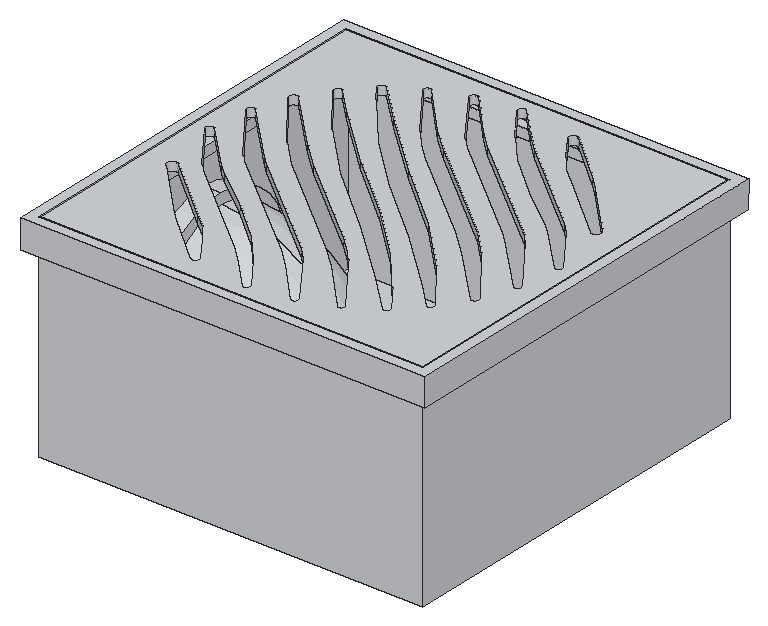
Revit family "Ralo Quadrado Montado - Caixas e Ralos - Esgoto - MEP - Tigre", category Plumbing Fixtures, host Face, Revit 2011
Parameters (values of type "Prata c/ grelha alumínio - 100 x 53 x 40")
  Unifilar [instance] = Diâmetro Nominal * 0.4  # 16.00 mm
  URL = "http://www.tigre.com.br"
  UHC [instance] = 2
  Tigre: Sistema = "Esgoto"  # constant formula
  Tigre: Norma = ""
  Tigre: Material = "Prata/Alumínio"
  Tigre: Marcador [instance] = "00"
  Tigre: Link do Produto = "http://www.tigre.com.br/pt/produtos_unico.php?rcr_id=4&cpr_id=10&cpr_id_pai=4&lnh_id=11&prd_id=153"
  Tigre: Linha = "Caixas e Ralos"  # constant formula
  Tigre: Fabricante = "© Tigre S/A"  # constant formula
  Tigre: Descrição = "Ralo Quadrado Montado - Prata c/ grelha alumínio 100 x 53 x 40mm, Esgoto - TIGRE"
  Tigre: Código com Separador [instance] = "27.28.926.6"
  Tigre: Código = 27289266
  Tigre: Comentários [instance] = ""
  Raio Nominal = Diâmetro Nominal / 2  # 20.00 mm
  Prolongador [instance] = none
  Model = ""
  Manufacturer = Tigre: Fabricante  # "© Tigre S/A"
  Grelha = yes
  Description = Tigre: Descrição  # "Ralo Quadrado Montado - Prata c/ grelha alumínio 100 x 53 x 40mm, Esgoto - TIGRE"
  Comprimento do Tubo [instance] = if(Distância do Prolongador > 0.00 mm, Distância do Prolongador, Distância do Prolongador + 1.00 mm)  # 1.00 mm
  Adaptador [instance] = Distância do Prolongador > 0.00 mm  # no
  Grelhas [instance] = none
  Diâmetro Nominal = 40.00 mm
  Default Elevation = 0.00 mm
  Cota L2 = 94.80 mm
  Cota F = 72.40 mm
  Distância do Prolongador [instance] = 0.00 mm
  Cota B = 46.00 mm
  Cota A = 53.00 mm
  Caixas e Ralos [instance] = none
Types (5, lengths in mm): name | Tigre: Material | Tigre: Link do Produto | Tigre: Descrição | Tigre: Código com Separador | Tigre: Código | Grelha | Description
  (no name) | "Prata/Alumínio" | "http://www.tigre.com.br/pt/produtos_unico.php?rcr_id=4&cpr_id=10&cpr_id_pai=4&lnh_id=11&prd_id=153" | "Ralo Quadrado Montado - Prata c/ grelha alumínio 100 x 53 x 40mm, Esgoto - TIGRE" | "27.28.926.6" | 27289266 | yes | "Ralo Quadrado Montado - Prata c/ grelha alumínio 100 x 53 x 40mm, Esgoto - TIGRE"
  Branco c/ grelha branca - 100 x 53 x 40 | "Branco" | "http://www.tigre.com.br/pt/produtos_unico.php?rcr_id=4&cpr_id=10&cpr_id_pai=4&lnh_id=11&prd_id=153" | "Ralo Quadrado Montado - Branco c/ grelha branca 100 x 53 x 40mm, Esgoto - TIGRE" | "27.28.920.7" | 27289207 | yes | "Ralo Quadrado Montado - Branco c/ grelha branca 100 x 53 x 40mm, Esgoto - TIGRE"
  Prata c/ grelha alumínio - 100 x 53 x 40 | "Prata/Alumínio" | "http://www.tigre.com.br/pt/produtos_unico.php?rcr_id=4&cpr_id=10&cpr_id_pai=4&lnh_id=11&prd_id=153" | "Ralo Quadrado Montado - Prata c/ grelha alumínio 100 x 53 x 40mm, Esgoto - TIGRE" | "27.28.926.6" | 27289266 | yes | "Ralo Quadrado Montado - Prata c/ grelha alumínio 100 x 53 x 40mm, Esgoto - TIGRE"
  Corpo Branco - 100 x 53 x 40 | "Branco" | "http://www.tigre.com.br/pt/produtos_unico.php?rcr_id=4&cpr_id=10&cpr_id_pai=4&lnh_id=11&prd_id=135" | "Corpo Ralo Sifonado Quadrado - Branco 100 x 53 x 40mm, Esgoto - TIGRE" | "27.28.923.1" | 27289231 | no | "Corpo Ralo Sifonado Quadrado - Branco 100 x 53 x 40mm, Esgoto - TIGRE"
  Corpo Prata - 100 x 53 x 40 | "Prata" | "http://www.tigre.com.br/pt/produtos_unico.php?rcr_id=4&cpr_id=10&cpr_id_pai=4&lnh_id=11&prd_id=135" | "Corpo Ralo Sifonado Quadrado - Prata 100 x 53 x 40mm, Esgoto - TIGRE" | "27.28.925.8" | 27289258 | no | "Corpo Ralo Sifonado Quadrado - Prata 100 x 53 x 40mm, Esgoto - TIGRE"
Reference planes
  plane 1 "Center (Front/Back)": y = 0
  plane 2: z = 0
  plane 3 "Center (Left/Right)": x = 0
  plane 4: z = -53
  plane 5: z = 0
  plane 6: z = -7
  plane 7: z = -33
  plane 8: z = 0
  plane 9 "Base": z = -4.5
Forms (mm)
  Sweep 1, solid, material <- "Caixas e Ralos", visible <- "Adaptador", detail levels fine
    path origin (-186.542, -4572, 0) x (-1, 0, 0) y (0, -1, 0)
      loop
        line (-139.142, -4619.4) -> (-139.142, -4524.6) -> (-233.942, -4524.6) -> (-233.942, -4619.4) -> (-139.142, -4619.4)
    profile origin (0, 47.4, 0) x (0, 1, 0) y (0, 0, 1)
      loop
        line (2.6, -7) -> (2.6, 0) -> (0, 0) -> (0, -4.5) -> (-2.65, -4.5) -> (-2.65, -7) -> (2.6, -7)
  Sweep 2, solid, material <- "Caixas e Ralos", detail levels fine
    path origin (-51.611, -4572, -7) x (0, -1, 0) y (1, 0, 0)
      loop
        line (-4619.4, 4.211) -> (-4524.6, 4.211) -> (-4524.6, 99.011) -> (-4619.4, 99.011) -> (-4619.4, 4.211)
    profile origin (-47.4, 0, -7) x (1, 0, 0) y (0, 0, 1)
      loop
        line (0, 0) -> (0, -44) -> (2.5, -44) -> (2.5, 0) -> (0, 0)
  Extrusion 3, solid, material <- "Caixas e Ralos", detail levels fine
    sketch origin (-51.611, -4572, -7) x (0, -1, 0) y (-1, 0, 0)
      loop
        line (-4619.4, -4.211) -> (-4619.4, -99.011) -> (-4524.6, -99.011) -> (-4524.6, -4.211) -> (-4619.4, -4.211)
    from 44 to 46
  Sweep 4, solid, material <- "Caixas e Ralos", not visible, detail levels fine
    path origin (0, 0, 0) x (-1, 0, 0) y (0, 0, 1)
      loop
        line (72.719, -33) -> (53.038, -33)
    profile origin (-62.878, 0, -33) x (0, 0, 1) y (0, -1, 0)
      loop
        circle (0, 0) r 20
  Revolve 5, solid, material <- "Caixas e Ralos", detail levels fine
    sketch origin (51.611, -4572, -51) x (0, -1, 0) y (1, 0, 0)
      loop
        circle (-4572, -74.268) r 17.745
      axis (-4572, -92.013) -> (-4571, -92.013)
    angle from 0 to -90
  SweptBlend 6, solid, material <- "Caixas e Ralos", detail levels fine
    path origin (0, 0, 0) x (-1, 0, 0) y (0, 0, 1)
      loop
        line (47.4, -33) -> (40.402, -33)
    profile origin (-47.4, 0, -33) x (0, 0, 1) y (0, -1, 0)
      loop
        circle (0, 0) r 20
    end profile origin (-40.402, 0, -33) x (0, 0, 1) y (0, -1, 0)
      loop
        circle (0, 0) r 20
  Extrusion 7, solid, material <- "Grelhas", visible <- "Grelha", detail levels fine
    sketch origin (0, 0, 0) x (1, 0, 0) y (0, 1, 0)
      loop
        arc (14.438, 41.966) -> (13.062, 41.954) -> (12.906, 40.586) r 1.039
        line (12.906, 40.586) -> (17.095, 34.604)
        arc (17.095, 34.604) -> (20.321, 30.759) -> (24.166, 27.533) r 28.794
        arc (24.166, 27.533) -> (32.094, 21.344) -> (39.338, 14.368) r 96.922
        arc (39.338, 14.368) -> (41.092, 14.309) -> (41.153, 16.063) r 1.241
        line (41.153, 16.063) -> (29.677, 28.368)
        arc (29.677, 28.368) -> (27.904, 30.173) -> (26.038, 31.883) r 48.331
        line (26.038, 31.883) -> (14.438, 41.966)
      loop
        arc (-0.012, 44.041) -> (-1.324, 44.13) -> (-1.499, 42.827) r 0.962
        arc (-1.499, 42.827) -> (1.516, 38.634) -> (4.572, 34.47) r 542.781
        arc (4.572, 34.47) -> (7.391, 30.988) -> (10.499, 27.759) r 52.299
        arc (10.499, 27.759) -> (15.385, 23.325) -> (20.483, 19.136) r 134.146
        line (20.483, 19.136) -> (30.026, 11.68)
        arc (30.026, 11.68) -> (31.483, 10.457) -> (32.852, 9.135) r 27.259
        line (32.852, 9.135) -> (42.594, -0.953)
        arc (42.594, -0.953) -> (43.998, -1.022) -> (44.155, 0.375) r 1.027
        line (44.155, 0.375) -> (35.924, 11.396)
        arc (35.924, 11.396) -> (34.809, 12.722) -> (33.548, 13.911) r 15
        line (33.548, 13.911) -> (10.593, 33.173)
        arc (10.593, 33.173) -> (8.492, 35.048) -> (6.509, 37.048) r 46.107
        line (6.509, 37.048) -> (-0.012, 44.041)
      loop
        arc (-10.653, 42.454) -> (-11.912, 42.536) -> (-12.072, 41.284) r 0.921
        line (-12.072, 41.284) -> (-2.701, 28.387)
        arc (-2.701, 28.387) -> (-1.442, 26.86) -> (-0.007, 25.498) r 16.207
        line (-0.007, 25.498) -> (26.247, 3.468)
        arc (26.247, 3.468) -> (27.193, 2.631) -> (28.095, 1.745) r 24.143
        line (28.095, 1.745) -> (41.147, -11.771)
        arc (41.147, -11.771) -> (42.437, -11.834) -> (42.582, -10.55) r 0.944
        line (42.582, -10.55) -> (32.014, 3.601)
        arc (32.014, 3.601) -> (31.174, 4.599) -> (30.225, 5.494) r 11.29
        line (30.225, 5.494) -> (3.101, 28.254)
        arc (3.101, 28.254) -> (0.811, 30.298) -> (-1.35, 32.477) r 50.253
        line (-1.35, 32.477) -> (-10.653, 42.454)
      loop
        arc (-19.405, 38.964) -> (-20.613, 39.04) -> (-20.754, 37.838) r 0.88
        line (-20.754, 37.838) -> (-11.248, 25.109)
        arc (-11.248, 25.109) -> (-7.619, 20.794) -> (-3.516, 16.926) r 48.8
        line (-3.516, 16.926) -> (18.738, -1.747)
        arc (18.738, -1.747) -> (21.906, -4.55) -> (24.923, -7.515) r 80.789
        line (24.923, -7.515) -> (37.628, -20.671)
        arc (37.628, -20.671) -> (39.1, -20.735) -> (39.241, -19.269) r 1.07
        line (39.241, -19.269) -> (28.547, -5.581)
        arc (28.547, -5.581) -> (25.742, -2.354) -> (22.615, 0.562) r 40.846
        line (22.615, 0.562) -> (-3.025, 22.076)
        arc (-3.025, 22.076) -> (-5.85, 24.598) -> (-8.516, 27.287) r 61.998
        line (-8.516, 27.287) -> (-19.405, 38.964)
      loop
        arc (-26.868, 34.276) -> (-28.17, 34.323) -> (-28.311, 33.028) r 0.956
        line (-28.311, 33.028) -> (-25.788, 29.65)
        arc (-25.788, 29.65) -> (-14.764, 16.427) -> (-2.394, 4.455) r 161.164
        line (-2.394, 4.455) -> (12.613, -8.59)
        arc (12.613, -8.59) -> (20.004, -15.304) -> (27.095, -22.334) r 228.86
        line (27.095, -22.334) -> (32.622, -28.057)
        arc (32.622, -28.057) -> (33.988, -28.116) -> (34.12, -26.755) r 0.994
        line (34.12, -26.755) -> (25.047, -15.143)
        arc (25.047, -15.143) -> (19.327, -8.504) -> (12.997, -2.444) r 91.322
        line (12.997, -2.444) -> (-3.453, 11.856)
        arc (-3.453, 11.856) -> (-10.941, 18.598) -> (-18.189, 25.597) r 288.662
        line (-18.189, 25.597) -> (-26.868, 34.276)
      loop
        arc (-14.438, -41.966) -> (-13.062, -41.954) -> (-12.906, -40.586) r 1.039
        line (-12.906, -40.586) -> (-17.095, -34.604)
        arc (-17.095, -34.604) -> (-20.321, -30.759) -> (-24.166, -27.533) r 28.794
        arc (-24.166, -27.533) -> (-32.094, -21.344) -> (-39.338, -14.368) r 96.922
        arc (-39.338, -14.368) -> (-41.092, -14.309) -> (-41.153, -16.063) r 1.241
        line (-41.153, -16.063) -> (-29.677, -28.368)
        arc (-29.677, -28.368) -> (-27.904, -30.173) -> (-26.038, -31.883) r 48.331
        line (-26.038, -31.883) -> (-14.438, -41.966)
      loop
        arc (0.012, -44.041) -> (1.324, -44.13) -> (1.499, -42.827) r 0.962
        arc (1.499, -42.827) -> (-1.516, -38.634) -> (-4.572, -34.47) r 542.781
        arc (-4.572, -34.47) -> (-7.391, -30.988) -> (-10.499, -27.759) r 52.299
        arc (-10.499, -27.759) -> (-15.385, -23.325) -> (-20.483, -19.136) r 134.146
        line (-20.483, -19.136) -> (-30.026, -11.68)
        arc (-30.026, -11.68) -> (-31.483, -10.457) -> (-32.852, -9.135) r 27.259
        line (-32.852, -9.135) -> (-42.594, 0.953)
        arc (-42.594, 0.953) -> (-43.998, 1.022) -> (-44.155, -0.375) r 1.027
        line (-44.155, -0.375) -> (-35.924, -11.396)
        arc (-35.924, -11.396) -> (-34.809, -12.722) -> (-33.548, -13.911) r 15
        line (-33.548, -13.911) -> (-10.593, -33.173)
        arc (-10.593, -33.173) -> (-8.492, -35.048) -> (-6.509, -37.048) r 46.107
        line (-6.509, -37.048) -> (0.012, -44.041)
      loop
        arc (10.653, -42.454) -> (11.912, -42.536) -> (12.072, -41.284) r 0.921
        line (12.072, -41.284) -> (2.701, -28.387)
        arc (2.701, -28.387) -> (1.442, -26.86) -> (0.007, -25.498) r 16.207
        line (0.007, -25.498) -> (-26.247, -3.468)
        arc (-26.247, -3.468) -> (-27.193, -2.631) -> (-28.095, -1.745) r 24.143
        line (-28.095, -1.745) -> (-41.147, 11.771)
        arc (-41.147, 11.771) -> (-42.437, 11.834) -> (-42.582, 10.55) r 0.944
        line (-42.582, 10.55) -> (-32.014, -3.601)
        arc (-32.014, -3.601) -> (-31.174, -4.599) -> (-30.225, -5.494) r 11.29
        line (-30.225, -5.494) -> (-3.101, -28.254)
        arc (-3.101, -28.254) -> (-0.811, -30.298) -> (1.35, -32.477) r 50.253
        line (1.35, -32.477) -> (10.653, -42.454)
      loop
        arc (19.405, -38.964) -> (20.613, -39.04) -> (20.754, -37.838) r 0.88
        line (20.754, -37.838) -> (11.248, -25.109)
        arc (11.248, -25.109) -> (7.619, -20.794) -> (3.516, -16.926) r 48.8
        line (3.516, -16.926) -> (-18.738, 1.747)
        arc (-18.738, 1.747) -> (-21.906, 4.55) -> (-24.923, 7.515) r 80.789
        line (-24.923, 7.515) -> (-37.628, 20.671)
        arc (-37.628, 20.671) -> (-39.1, 20.735) -> (-39.241, 19.269) r 1.07
        line (-39.241, 19.269) -> (-28.547, 5.581)
        arc (-28.547, 5.581) -> (-25.742, 2.354) -> (-22.615, -0.562) r 40.846
        line (-22.615, -0.562) -> (3.025, -22.076)
        arc (3.025, -22.076) -> (5.85, -24.598) -> (8.516, -27.287) r 61.998
        line (8.516, -27.287) -> (19.405, -38.964)
      loop
        arc (26.868, -34.276) -> (28.17, -34.323) -> (28.311, -33.028) r 0.956
        line (28.311, -33.028) -> (25.788, -29.65)
        arc (25.788, -29.65) -> (14.764, -16.427) -> (2.394, -4.455) r 161.164
        line (2.394, -4.455) -> (-12.613, 8.59)
        arc (-12.613, 8.59) -> (-20.004, 15.304) -> (-27.095, 22.334) r 228.86
        line (-27.095, 22.334) -> (-32.622, 28.057)
        arc (-32.622, 28.057) -> (-33.988, 28.116) -> (-34.12, 26.755) r 0.994
        line (-34.12, 26.755) -> (-25.047, 15.143)
        arc (-25.047, 15.143) -> (-19.327, 8.504) -> (-12.997, 2.444) r 91.322
        line (-12.997, 2.444) -> (3.453, -11.856)
        arc (3.453, -11.856) -> (10.941, -18.598) -> (18.189, -25.597) r 288.662
        line (18.189, -25.597) -> (26.868, -34.276)
      loop
        line (-47.25, 47.25) -> (-47.25, -47.25) -> (47.25, -47.25) -> (47.25, 47.25) -> (-47.25, 47.25)
    from -2 to 0
  Sweep 8, solid, material <- "Caixas e Ralos", detail levels fine
    path origin (-186.542, -4572, 0) x (-1, 0, 0) y (0, -1, 0)
      loop
        line (-139.142, -4619.4) -> (-139.142, -4524.6) -> (-233.942, -4524.6) -> (-233.942, -4619.4) -> (-139.142, -4619.4)
    profile origin (0, 47.4, 0) x (0, 1, 0) y (0, 0, 1)
      loop
        line (2.6, -7) -> (2.6, 0) -> (0, 0) -> (0, -4.5) -> (-2.65, -4.5) -> (-2.65, -7) -> (2.6, -7)
  Sweep 9, solid, material <- "Caixas e Ralos", detail levels fine
    path origin (196.171, -4572, -33) x (0, -1, 0) y (1, 0, 0)
      loop
        line (-4572, -249.208) -> (-4572, -243.421)
    profile origin (-50.144, 0, -33) x (0, 1, 0) y (0, 0, 1)
      loop
        circle (0, 0) r 20
Cuts and joins
  joined: Sweep 2, Extrusion 3, SweptBlend 6
Lines and regions (mm)
  model lines, detail levels coarse+medium
    curve 1: line (-47.4, 47.4, -33) -> (47.4, 47.4, -33)
    curve 2: line (-47.4, -47.4, -33) -> (-47.4, 47.4, -33)
    curve 3: line (47.4, -47.4, -33) -> (-47.4, -47.4, -33)
    curve 4: line (47.4, 47.4, -33) -> (47.4, -47.4, -33)
    curve 5: line (-48.7, 0, -33) -> (-47.4, 0, -33)
    curve 6: line (-48.7, 16, -33) -> (-48.7, -16, -33)
Dimensions and locks
  "Cota A": plane 5 to plane 4
  "Cota B": plane 6 to plane 4
  equal spacing: Sweep 1 sketch curve, plane 3 "Center (Left/Right)", Sweep 1 sketch curve
  "Cota L2": Sweep 1 sketch curve to Sweep 1 sketch curve  (x2)
  equal spacing: Sweep 1 sketch curve, plane 1 "Center (Front/Back)", Sweep 1 sketch curve
  locked: Sweep 1 sketch curve to profile plane at 2.6
  locked: Sweep 1 sketch curve to Sweep 1 sketch curve at 2.65
  locked: plane 6 to Sweep 1 sketch curve at 2.5
  locked: plane 4 to Sweep 2 sketch curve at 2
  locked: Sweep 2 sketch curve to profile plane at 2.5
  locked: plane 7 to plane 4 at 20
  SweptBlend 6 sketch curve to SweptBlend 6 sketch curve = 6.998 mm
  "Unifilar": plane 1 "Center (Front/Back)" to curve 6
  "Unifilar": curve 6 to plane 1 "Center (Front/Back)"
  Sweep 8 sketch curve to Sweep 8 sketch curve = 94.80 mm  (x2)
  "Cota L2": Sweep 8 sketch curve to Sweep 8 sketch curve  (x2)
  locked: Sweep 8 sketch curve to profile plane at 2.6
  locked: Sweep 8 sketch curve to Sweep 8 sketch curve at 2.65
  "Distância do Prolongador": plane 8 to plane 5
  "Raio Nominal": radius of Sweep 4 sketch curve
  aligned and locked: plane 2 to host face
  aligned and locked: level to host face
  aligned and locked: plane 5 to Sweep 1 sketch curve
  aligned and locked: profile plane to Sweep 1 sketch curve
  aligned and locked: plane 6 to Sweep 1 sketch curve
  aligned and locked: Sweep 2 sketch curve to Sweep 1  (x4)
  aligned and locked: profile plane to Sweep 2 sketch curve
  aligned and locked: Sweep 2 sketch curve to plane 6
  aligned and locked: Extrusion 3 sketch curve to Sweep 1  (x4)
  aligned and locked: Extrusion 3 to plane 4
  aligned and locked: Extrusion 3 to Sweep 2
  aligned and locked: SweptBlend 6 sketch curve to plane 7
  aligned and locked: Revolve 5 sketch curve to SweptBlend 6
  aligned and locked: Sweep 1 to curve 1
  aligned and locked: curve 1 to Sweep 1
  aligned and locked: curve 4 to Sweep 1  (x2)
  aligned and locked: plane 1 "Center (Front/Back)" to curve 5
  aligned and locked: profile plane to Sweep 8 sketch curve
Automatic sketch dimensions
  host sketch curve to host sketch curve = 144.80 mm
  host sketch curve to host sketch curve = 129.097 mm
  Sweep 4 sketch curve to plane 1 "Center (Front/Back)" = 0.00 mm
  profile plane to Sweep 4 sketch curve = 0.00 mm
  Revolve 5 sketch curve to Revolve 5 sketch curve = 0.00 mm  (x2)
  Revolve 5 sketch curve to Extrusion 3 = 27.40 mm
  Revolve 5 sketch curve to Revolve 5 sketch curve = 20.00 mm  (x2)
  Revolve 5 sketch curve to Extrusion 3 = 6.998 mm
  Revolve 5 sketch curve to Revolve 5 sketch curve = 17.745 mm
  SweptBlend 6 sketch curve to SweptBlend 6 sketch curve = 0.00 mm  (x4)
  SweptBlend 6 sketch curve to plane 1 "Center (Front/Back)" = 0.00 mm  (x2)
  profile plane to SweptBlend 6 sketch curve = 0.00 mm  (x2)
  SweptBlend 6 sketch curve to SweptBlend 6 sketch curve = 20.00 mm
  Extrusion 7 sketch curve to Extrusion 7 sketch curve = 0.268 mm  (x2)
  Extrusion 7 sketch curve to Extrusion 7 sketch curve = 0.335 mm
  Extrusion 7 sketch curve to Extrusion 7 sketch curve = 0.325 mm  (x2)
  plane 1 "Center (Front/Back)" to Extrusion 7 sketch curve = 0.375 mm
  Extrusion 7 sketch curve to plane 1 "Center (Front/Back)" = 0.24 mm
  Extrusion 7 sketch curve to Extrusion 7 sketch curve = 0.823 mm
  Extrusion 7 sketch curve to plane 1 "Center (Front/Back)" = 0.953 mm
  Extrusion 7 sketch curve to plane 1 "Center (Front/Back)" = 10.55 mm
  Extrusion 7 sketch curve to Extrusion 7 sketch curve = 0.012 mm  (x2)
  Extrusion 7 sketch curve to Extrusion 7 sketch curve = 0.756 mm  (x2)
  Extrusion 7 sketch curve to Extrusion 7 sketch curve = 3.003 mm
  Extrusion 7 sketch curve to Extrusion 7 sketch curve = 0.679 mm  (x2)
  Extrusion 7 sketch curve to Extrusion 7 sketch curve = 6.569 mm
  Extrusion 7 sketch curve to Extrusion 7 sketch curve = 0.908 mm  (x2)
  Extrusion 7 sketch curve to Extrusion 7 sketch curve = 6.36 mm  (x2)
  Extrusion 7 sketch curve to Extrusion 7 sketch curve = 0.906 mm  (x2)
  Extrusion 7 sketch curve to Extrusion 7 sketch curve = 0.00 mm  (x10)
  Extrusion 7 sketch curve to Extrusion 7 sketch curve = 1.906 mm  (x2)
  Extrusion 7 sketch curve to Extrusion 7 sketch curve = 0.843 mm  (x2)
  Extrusion 7 sketch curve to Extrusion 7 sketch curve = 0.77 mm  (x2)
  Extrusion 7 sketch curve to Extrusion 7 sketch curve = 3.403 mm  (x2)
  Extrusion 7 sketch curve to Extrusion 7 sketch curve = 3.414 mm  (x2)
  Extrusion 7 sketch curve to Extrusion 7 sketch curve = 1.424 mm  (x2)
  Extrusion 7 sketch curve to Extrusion 7 sketch curve = 3.509 mm  (x2)
  plane 1 "Center (Front/Back)" to Extrusion 7 sketch curve = 13.911 mm
  Extrusion 7 sketch curve to Extrusion 7 sketch curve = 2.376 mm  (x2)
  Extrusion 7 sketch curve to Extrusion 7 sketch curve = 0.783 mm  (x2)
  Extrusion 7 sketch curve to Extrusion 7 sketch curve = 2.211 mm  (x2)
  plane 1 "Center (Front/Back)" to Extrusion 7 sketch curve = 9.135 mm
  Extrusion 7 sketch curve to Extrusion 7 sketch curve = 3.072 mm
  Extrusion 7 sketch curve to Extrusion 7 sketch curve = 0.715 mm  (x2)
  plane 1 "Center (Front/Back)" to Extrusion 7 sketch curve = 3.601 mm
  Extrusion 7 sketch curve to Extrusion 7 sketch curve = 0.838 mm
  Extrusion 7 sketch curve to Extrusion 7 sketch curve = 9.255 mm  (x2)
  plane 1 "Center (Front/Back)" to Extrusion 7 sketch curve = 5.494 mm
  Extrusion 7 sketch curve to Extrusion 7 sketch curve = 1.789 mm  (x2)
  plane 1 "Center (Front/Back)" to Extrusion 7 sketch curve = 11.68 mm
  Extrusion 7 sketch curve to Extrusion 7 sketch curve = 2.826 mm  (x2)
  Extrusion 7 sketch curve to Extrusion 7 sketch curve = 3.87 mm
  Extrusion 7 sketch curve to Extrusion 7 sketch curve = 3.467 mm
  Extrusion 7 sketch curve to Extrusion 7 sketch curve = 4.311 mm  (x2)
  plane 1 "Center (Front/Back)" to Extrusion 7 sketch curve = 1.745 mm
  Extrusion 7 sketch curve to Extrusion 7 sketch curve = 2.13 mm  (x2)
  Extrusion 7 sketch curve to Extrusion 7 sketch curve = 3.575 mm  (x2)
  Extrusion 7 sketch curve to Extrusion 7 sketch curve = 0.766 mm  (x2)
  Extrusion 7 sketch curve to Extrusion 7 sketch curve = 5.526 mm
  Extrusion 7 sketch curve to Extrusion 7 sketch curve = 0.676 mm  (x2)
  plane 1 "Center (Front/Back)" to Extrusion 7 sketch curve = 3.468 mm
  Extrusion 7 sketch curve to Extrusion 7 sketch curve = 1.848 mm  (x2)
  Extrusion 7 sketch curve to Extrusion 7 sketch curve = 3.639 mm  (x2)
  Extrusion 7 sketch curve to Extrusion 7 sketch curve = 2.523 mm
  Extrusion 7 sketch curve to Extrusion 7 sketch curve = 2.048 mm
  Extrusion 7 sketch curve to plane 1 "Center (Front/Back)" = 7.515 mm
  Extrusion 7 sketch curve to Extrusion 7 sketch curve = 3.624 mm  (x2)
  Extrusion 7 sketch curve to Extrusion 7 sketch curve = 1.872 mm  (x2)
  Extrusion 7 sketch curve to Extrusion 7 sketch curve = 2.341 mm  (x2)
  Extrusion 7 sketch curve to plane 1 "Center (Front/Back)" = 3.154 mm
  plane 1 "Center (Front/Back)" to Extrusion 7 sketch curve = 0.562 mm
  Extrusion 7 sketch curve to Extrusion 7 sketch curve = 1.291 mm  (x2)
  Extrusion 7 sketch curve to Extrusion 7 sketch curve = 6.114 mm
  Extrusion 7 sketch curve to Extrusion 7 sketch curve = 3.683 mm  (x2)
  Extrusion 7 sketch curve to Extrusion 7 sketch curve = 0.705 mm  (x2)
  Extrusion 7 sketch curve to Extrusion 7 sketch curve = 0.644 mm  (x2)
  Extrusion 7 sketch curve to plane 1 "Center (Front/Back)" = 1.747 mm
  Extrusion 7 sketch curve to Extrusion 7 sketch curve = 4.23 mm
  Extrusion 7 sketch curve to Extrusion 7 sketch curve = 7.599 mm  (x2)
  Extrusion 7 sketch curve to Extrusion 7 sketch curve = 8.943 mm
  Extrusion 7 sketch curve to Extrusion 7 sketch curve = 2.656 mm
  Extrusion 7 sketch curve to Extrusion 7 sketch curve = 0.682 mm  (x2)
  Extrusion 7 sketch curve to Extrusion 7 sketch curve = 5.495 mm
  Extrusion 7 sketch curve to plane 1 "Center (Front/Back)" = 2.444 mm
  Extrusion 7 sketch curve to Extrusion 7 sketch curve = 5.741 mm  (x2)
  Extrusion 7 sketch curve to Extrusion 7 sketch curve = 0.851 mm  (x2)
  Extrusion 7 sketch curve to Extrusion 7 sketch curve = 0.63 mm  (x2)
  Extrusion 7 sketch curve to Extrusion 7 sketch curve = 7.333 mm  (x2)
  Extrusion 7 sketch curve to Extrusion 7 sketch curve = 0.745 mm  (x2)
  Extrusion 7 sketch curve to Extrusion 7 sketch curve = 6.941 mm  (x2)
  Extrusion 7 sketch curve to Extrusion 7 sketch curve = 2.516 mm
  Extrusion 7 sketch curve to Extrusion 7 sketch curve = 0.674 mm  (x2)
  Extrusion 7 sketch curve to Extrusion 7 sketch curve = 6.502 mm  (x2)
  Extrusion 7 sketch curve to Extrusion 7 sketch curve = 0.094 mm
  Extrusion 7 sketch curve to Extrusion 7 sketch curve = 2.495 mm  (x2)
  Extrusion 7 sketch curve to Extrusion 7 sketch curve = 2.732 mm  (x2)
  Extrusion 7 sketch curve to Extrusion 7 sketch curve = 3.902 mm  (x2)
  Extrusion 7 sketch curve to plane 3 "Center (Left/Right)" = 5.67 mm
  Extrusion 7 sketch curve to Extrusion 7 sketch curve = 1.938 mm  (x2)
  Extrusion 7 sketch curve to plane 3 "Center (Left/Right)" = 3.64 mm
  Extrusion 7 sketch curve to plane 3 "Center (Left/Right)" = 3.516 mm
  Extrusion 7 sketch curve to plane 3 "Center (Left/Right)" = 3.453 mm
  Extrusion 7 sketch curve to Extrusion 7 sketch curve = 0.539 mm  (x2)
  Extrusion 7 sketch curve to plane 3 "Center (Left/Right)" = 3.025 mm
  Extrusion 7 sketch curve to plane 3 "Center (Left/Right)" = 2.701 mm
  Extrusion 7 sketch curve to plane 3 "Center (Left/Right)" = 2.394 mm
  Extrusion 7 sketch curve to plane 3 "Center (Left/Right)" = 1.499 mm
  Extrusion 7 sketch curve to plane 3 "Center (Left/Right)" = 1.35 mm
  Extrusion 7 sketch curve to plane 3 "Center (Left/Right)" = 0.716 mm
  Extrusion 7 sketch curve to plane 3 "Center (Left/Right)" = 0.012 mm
  Extrusion 7 sketch curve to plane 3 "Center (Left/Right)" = 0.007 mm
  plane 3 "Center (Left/Right)" to Extrusion 7 sketch curve = 0.007 mm
  plane 3 "Center (Left/Right)" to Extrusion 7 sketch curve = 0.012 mm
  plane 3 "Center (Left/Right)" to Extrusion 7 sketch curve = 0.716 mm
  plane 3 "Center (Left/Right)" to Extrusion 7 sketch curve = 1.35 mm
  Extrusion 7 sketch curve to Extrusion 7 sketch curve = 0.784 mm
  plane 3 "Center (Left/Right)" to Extrusion 7 sketch curve = 2.394 mm
  plane 3 "Center (Left/Right)" to Extrusion 7 sketch curve = 2.701 mm
  plane 3 "Center (Left/Right)" to Extrusion 7 sketch curve = 3.025 mm
  plane 3 "Center (Left/Right)" to Extrusion 7 sketch curve = 3.101 mm
  plane 3 "Center (Left/Right)" to Extrusion 7 sketch curve = 3.453 mm
  plane 3 "Center (Left/Right)" to Extrusion 7 sketch curve = 3.516 mm
  Extrusion 7 sketch curve to Extrusion 7 sketch curve = 0.931 mm
  plane 3 "Center (Left/Right)" to Extrusion 7 sketch curve = 5.67 mm
  Extrusion 7 sketch curve to Extrusion 7 sketch curve = 5.815 mm
  Extrusion 7 sketch curve to Extrusion 7 sketch curve = 7.398 mm
  Extrusion 7 sketch curve to Extrusion 7 sketch curve = 0.182 mm
  Extrusion 7 sketch curve to Extrusion 7 sketch curve = 9.153 mm
  Extrusion 7 sketch curve to Extrusion 7 sketch curve = 7.211 mm
  Extrusion 7 sketch curve to Extrusion 7 sketch curve = 1.885 mm
  plane 1 "Center (Front/Back)" to Extrusion 7 sketch curve = 2.444 mm
  Extrusion 7 sketch curve to Extrusion 7 sketch curve = 0.384 mm
  plane 1 "Center (Front/Back)" to Extrusion 7 sketch curve = 1.747 mm
  Extrusion 7 sketch curve to Extrusion 7 sketch curve = 9.983 mm
  Extrusion 7 sketch curve to plane 1 "Center (Front/Back)" = 0.562 mm
  Extrusion 7 sketch curve to Extrusion 7 sketch curve = 3.877 mm
  Extrusion 7 sketch curve to Extrusion 7 sketch curve = 0.353 mm
  Extrusion 7 sketch curve to Extrusion 7 sketch curve = 1.955 mm
  Extrusion 7 sketch curve to Extrusion 7 sketch curve = 0.124 mm
  Extrusion 7 sketch curve to Extrusion 7 sketch curve = 1.081 mm
  Extrusion 7 sketch curve to Extrusion 7 sketch curve = 1.308 mm
  Extrusion 7 sketch curve to Extrusion 7 sketch curve = 13.413 mm  (x2)
  Extrusion 7 sketch curve to plane 1 "Center (Front/Back)" = 11.68 mm
  Extrusion 7 sketch curve to Extrusion 7 sketch curve = 3.779 mm
  Extrusion 7 sketch curve to plane 1 "Center (Front/Back)" = 5.494 mm
  Extrusion 7 sketch curve to Extrusion 7 sketch curve = 5.34 mm
  Extrusion 7 sketch curve to plane 1 "Center (Front/Back)" = 13.911 mm
  Extrusion 7 sketch curve to Extrusion 7 sketch curve = 3.522 mm
  Extrusion 7 sketch curve to plane 1 "Center (Front/Back)" = 11.396 mm
  plane 1 "Center (Front/Back)" to Extrusion 7 sketch curve = 19.269 mm
  plane 1 "Center (Front/Back)" to Extrusion 7 sketch curve = 11.771 mm
  plane 1 "Center (Front/Back)" to Extrusion 7 sketch curve = 0.953 mm
  plane 1 "Center (Front/Back)" to Extrusion 7 sketch curve = 0.24 mm
  Extrusion 7 sketch curve to Extrusion 7 sketch curve = 0.739 mm
  Extrusion 7 sketch curve to plane 1 "Center (Front/Back)" = 0.375 mm
  Extrusion 7 sketch curve to Extrusion 7 sketch curve = 18.94 mm
  Extrusion 7 sketch curve to Extrusion 7 sketch curve = 56.155 mm  (x2)
  Extrusion 7 sketch curve to Extrusion 7 sketch curve = 34.193 mm  (x2)
  Extrusion 7 sketch curve to Extrusion 7 sketch curve = 48.393 mm  (x2)
  Extrusion 7 sketch curve to Extrusion 7 sketch curve = 254.729 mm  (x2)
  Extrusion 7 sketch curve to Extrusion 7 sketch curve = 0.659 mm  (x2)
  Extrusion 7 sketch curve to Extrusion 7 sketch curve = 19.632 mm
  Extrusion 7 sketch curve to Extrusion 7 sketch curve = 1.663 mm
  Extrusion 7 sketch curve to Extrusion 7 sketch curve = 3.032 mm  (x2)
  Extrusion 7 sketch curve to Extrusion 7 sketch curve = 3.421 mm  (x2)
  Extrusion 7 sketch curve to Extrusion 7 sketch curve = 0.488 mm  (x2)
  Extrusion 7 sketch curve to Extrusion 7 sketch curve = 6.083 mm  (x2)
  Extrusion 7 sketch curve to Extrusion 7 sketch curve = 2.178 mm  (x2)
  Extrusion 7 sketch curve to Extrusion 7 sketch curve = 0.612 mm  (x2)
  Extrusion 7 sketch curve to Extrusion 7 sketch curve = 13.622 mm
  Extrusion 7 sketch curve to Extrusion 7 sketch curve = 2.261 mm
  Extrusion 7 sketch curve to Extrusion 7 sketch curve = 2.756 mm
  Extrusion 7 sketch curve to Extrusion 7 sketch curve = 0.836 mm  (x2)
  Extrusion 7 sketch curve to Extrusion 7 sketch curve = 2.889 mm  (x2)
  Extrusion 7 sketch curve to Extrusion 7 sketch curve = 1.593 mm  (x2)
  Extrusion 7 sketch curve to Extrusion 7 sketch curve = 2.475 mm  (x2)
  Extrusion 7 sketch curve to Extrusion 7 sketch curve = 4.35 mm
  Extrusion 7 sketch curve to Extrusion 7 sketch curve = 4.091 mm  (x2)
  Extrusion 7 sketch curve to Extrusion 7 sketch curve = 3.378 mm  (x2)
  Extrusion 7 sketch curve to Extrusion 7 sketch curve = 4.741 mm  (x2)
  Extrusion 7 sketch curve to Extrusion 7 sketch curve = 0.572 mm  (x2)
  Extrusion 7 sketch curve to Extrusion 7 sketch curve = 3.742 mm
  Extrusion 7 sketch curve to Extrusion 7 sketch curve = 1.431 mm
  Extrusion 7 sketch curve to Extrusion 7 sketch curve = 2.577 mm  (x2)
  Extrusion 7 sketch curve to Extrusion 7 sketch curve = 3.561 mm  (x2)
  Extrusion 7 sketch curve to Extrusion 7 sketch curve = 0.527 mm  (x2)
  Extrusion 7 sketch curve to Extrusion 7 sketch curve = 2.673 mm  (x2)
  Extrusion 7 sketch curve to Extrusion 7 sketch curve = 0.596 mm  (x2)
  Extrusion 7 sketch curve to Extrusion 7 sketch curve = 2.32 mm  (x2)
  Extrusion 7 sketch curve to Extrusion 7 sketch curve = 0.541 mm  (x2)
  Extrusion 7 sketch curve to Extrusion 7 sketch curve = 14.222 mm
  Extrusion 7 sketch curve to Extrusion 7 sketch curve = 0.742 mm
  Extrusion 7 sketch curve to Extrusion 7 sketch curve = 2.448 mm
  Extrusion 7 sketch curve to Extrusion 7 sketch curve = 3.114 mm
  Extrusion 7 sketch curve to Extrusion 7 sketch curve = 5.756 mm
  Extrusion 7 sketch curve to Extrusion 7 sketch curve = 1.242 mm
  Extrusion 7 sketch curve to Extrusion 7 sketch curve = 55.227 mm
  Extrusion 7 sketch curve to Extrusion 7 sketch curve = 48.399 mm
  Extrusion 7 sketch curve to Extrusion 7 sketch curve = 6.436 mm
  Extrusion 7 sketch curve to Extrusion 7 sketch curve = 2.515 mm
  Extrusion 7 sketch curve to Extrusion 7 sketch curve = 0.656 mm
  Extrusion 7 sketch curve to Extrusion 7 sketch curve = 1.21 mm  (x2)
  plane 1 "Center (Front/Back)" to Extrusion 7 sketch curve = 4.594 mm
  plane 1 "Center (Front/Back)" to Extrusion 7 sketch curve = 3.154 mm
  Extrusion 7 sketch curve to plane 1 "Center (Front/Back)" = 1.745 mm
  Extrusion 7 sketch curve to plane 1 "Center (Front/Back)" = 4.455 mm
  Extrusion 7 sketch curve to Extrusion 7 sketch curve = 1.934 mm
  Extrusion 7 sketch curve to Extrusion 7 sketch curve = 0.565 mm
  Extrusion 7 sketch curve to Extrusion 7 sketch curve = 7.401 mm
  Extrusion 7 sketch curve to Extrusion 7 sketch curve = 2.972 mm
  Extrusion 7 sketch curve to Extrusion 7 sketch curve = 7.628 mm
  Extrusion 7 sketch curve to Extrusion 7 sketch curve = 5.071 mm
  Extrusion 7 sketch curve to Extrusion 7 sketch curve = 8.397 mm
  Extrusion 7 sketch curve to Extrusion 7 sketch curve = 7.498 mm
  Extrusion 7 sketch curve to Extrusion 7 sketch curve = 5.15 mm
  Extrusion 7 sketch curve to Extrusion 7 sketch curve = 7.191 mm
  Extrusion 7 sketch curve to Extrusion 7 sketch curve = 2.97 mm
  Extrusion 7 sketch curve to Extrusion 7 sketch curve = 3.869 mm
  plane 3 "Center (Left/Right)" to Sweep 8 sketch curve = 47.40 mm
  Sweep 8 sketch curve to plane 1 "Center (Front/Back)" = 47.40 mm
  Sweep 8 sketch curve to profile plane = 0.00 mm
  Sweep 8 sketch curve to profile plane = 4.50 mm
  Sweep 8 sketch curve to Sweep 8 sketch curve = 2.50 mm
  profile plane to SweptBlend 6 sketch curve = 20.00 mm
  plane 3 "Center (Left/Right)" to SweptBlend 6 sketch curve = 40.402 mm
  Extrusion 7 sketch curve to plane 3 "Center (Left/Right)" = 6.509 mm
  curve 6 to curve 5 = 1.30 mm
  Sweep 9 sketch curve to Sweep 9 sketch curve = 0.00 mm  (x2)
  Sweep 9 sketch curve to profile plane = 0.00 mm
  plane 7 to Sweep 9 sketch curve = 0.00 mm
  plane 7 to Sweep 9 sketch curve = 20.00 mm
  plane 1 "Center (Front/Back)" to Sweep 9 sketch curve = 0.00 mm
  Sweep 9 sketch curve to plane 3 "Center (Left/Right)" = 53.038 mm
  Sweep 9 sketch curve to Sweep 9 sketch curve = 5.788 mm
  Sweep 4 sketch curve to plane 7 = 0.00 mm
  plane 3 "Center (Left/Right)" to Sweep 4 sketch curve = 53.038 mm
  Sweep 4 sketch curve to Sweep 4 sketch curve = 19.681 mm
Nested families
  nested 1: "Prolongamento para Caixa Sifonada - Caixas e Ralos - Esgoto - MEP - Tigre" at (0, 0, -4.5), Comprimento do Tubo <- "Comprimento do Tubo", Acabamento <- "Prolongador", Tigre: Comentários <- "Tigre: Comentários", visible <- "Adaptador", type "100 x 100 mm"
    with Tigre: Marcador "00", Tigre: Código com Separador "27.30.748.5", Tigre: Código 27307485, Tigre: Comentários "", Comprimento do Tubo 1.00 mm, Acabamento none
Connectors
  piping at (-53.038, 0, -33), driven by "Raio Nominal"
    settings: on Sweep 4, index 1, connector radius 20.00 mm, flow factor 0, pipe flow 0 GPM, pressure drop 0.00 psi, fitting loss kfactor 0, connector angle 0.00°, fixture units 0, engagement length 0.00 mm, flow configuration 0, flow direction 2, fitting loss method 0, system type 16, joint type 0, gender type 0, connector reference index -1, connector utility 1, adjustable connector yes, is connector primary yes, fitting loss table "", connector description ""
Definition of nested family "Prolongamento para Caixa Sifonada - Caixas e Ralos - Esgoto - MEP - Tigre"
  Parameters (values of type "100 x 100 mm")
    Unifilar = Diâmetro Nominal * 0.4  # 40.00 mm
    URL = "http://www.tigre.com.br"
    Type Comments = ""
    Tigre: Sistema = "Esgoto"  # constant formula
    Tigre: Norma = ""
    Tigre: Material = "PVC Branco"  # constant formula
    Tigre: Marcador [instance] = "00"
    Tigre: Link do Produto = "http://www.tigre.com.br/pt/produtos_unico.php?rcr_id=4&cpr_id=10&cpr_id_pai=4&lnh_id=11&prd_id=150"
    Tigre: Linha = "Caixas e Ralos"  # constant formula
    Tigre: Fabricante = "© Tigre S/A"  # constant formula
    Tigre: Descrição = "Prolongamento p/ Caixa Sifonada 100 x 100mm, Esgoto - TIGRE"
    Tigre: Código com Separador [instance] = "27.30.748.5"
    Tigre: Código [instance] = 27307485
    Tigre: Comentários [instance] = ""
    Raio Nominal = 50.00 mm
    Raio Externo = 48.40 mm
    Raio Interno = 0.98 * Raio Externo  # 47.432 mm
    Model = ""
    Manufacturer = Tigre: Fabricante  # "© Tigre S/A"
    Diâmetro Nominal = Raio Nominal * 2  # 100.00 mm
    Description = Tigre: Descrição  # "Prolongamento p/ Caixa Sifonada 100 x 100mm, Esgoto - TIGRE"
    Default Elevation = 0.00 mm
    Comprimento do Tubo [instance] = 100.00 mm
    Acabamento [instance] = none
  Types (7, lengths in mm): name | Unifilar | Tigre: Descrição | Tigre: Código com Separador | Tigre: Código | Raio Nominal | Raio Externo | Raio Interno | Diâmetro Nominal | Description | Comprimento do Tubo
    (no name) | 40.00 | "Prolongamento p/ Caixa Sifonada 100 x 100mm, Esgoto - TIGRE" | "27.30.748.5" | 27307485 | 50.00 | 48.40 | 47.432 | 100.00 | "Prolongamento p/ Caixa Sifonada 100 x 100mm, Esgoto - TIGRE" | 100.00
    100 x 100 mm | 40.00 | "Prolongamento p/ Caixa Sifonada 100 x 100mm, Esgoto - TIGRE" | "27.30.748.5" | 27307485 | 50.00 | 48.40 | 47.432 | 100.00 | "Prolongamento p/ Caixa Sifonada 100 x 100mm, Esgoto - TIGRE" | 100.00
    100 x 150 mm | 40.00 | "Prolongamento p/ Caixa Sifonada 100 x 150mm, Esgoto - TIGRE" | "27.30.749.3" | 27307493 | 50.00 | 48.40 | 47.432 | 100.00 | "Prolongamento p/ Caixa Sifonada 100 x 150mm, Esgoto - TIGRE" | 150.00
    100 x 200 mm | 40.00 | "Prolongamento p/ Caixa Sifonada 100 x 200mm, Esgoto - TIGRE" | "27.30.750.7" | 27307507 | 50.00 | 48.40 | 47.432 | 100.00 | "Prolongamento p/ Caixa Sifonada 100 x 200mm, Esgoto - TIGRE" | 200.00
    150 x 150 mm | 60.00 | "Prolongamento p/ Caixa Sifonada 150 x 150mm, Esgoto - TIGRE" | "27.30.815.5" | 27308155 | 75.00 | 74.00 | 72.52 | 150.00 | "Prolongamento p/ Caixa Sifonada 150 x 150mm, Esgoto - TIGRE" | 150.00
    150 x 200 mm | 60.00 | "Prolongamento p/ Caixa Sifonada 150 x 200mm, Esgoto - TIGRE" | "27.30.820.1" | 27308201 | 75.00 | 74.00 | 72.52 | 150.00 | "Prolongamento p/ Caixa Sifonada 150 x 200mm, Esgoto - TIGRE" | 200.00
    250 x 200 mm | 100.00 | "Prolongamento p/ Caixa Sifonada 250 x 200mm, Esgoto - TIGRE" | "27.30.900.3" | 27309003 | 125.00 | 123.50 | 121.03 | 250.00 | "Prolongamento p/ Caixa Sifonada 250 x 200mm, Esgoto - TIGRE" | 200.00
  Reference planes
    plane 1 "Center (Front/Back)": y = 0
    plane 2: z = 0
    plane 3 "Center (Left/Right)": x = 0
    plane 4: z = -100
    plane 5: z = 0
  Forms (mm)
    Sweep 1, solid, material <- "Acabamento", detail levels fine
      path origin (0, 0, 0) x (0, 0, -1) y (0, 1, 0)
        loop
          line (0, 0) -> (100, 0)
      profile origin (0, 0, -50) x (1, 0, 0) y (0, 1, 0)
        loop
          circle (0, 0) r 47.432
        loop
          circle (0, 0) r 48.4
  Dimensions and locks
    "Comprimento do Tubo": plane 5 to plane 4
    "Raio Externo": radius of Sweep 1 sketch curve
    "Raio Interno": radius of Sweep 1 sketch curve
    aligned and locked: plane 1 "Center (Front/Back)" to Sweep 1 sketch curve
    aligned and locked: level to Sweep 1 sketch curve
    aligned and locked: plane 4 to Sweep 1 sketch curve
  Automatic sketch dimensions
    Sweep 1 sketch curve to Sweep 1 sketch curve = 0.00 mm  (x2)
    Sweep 1 sketch curve to profile plane = 0.00 mm  (x2)
